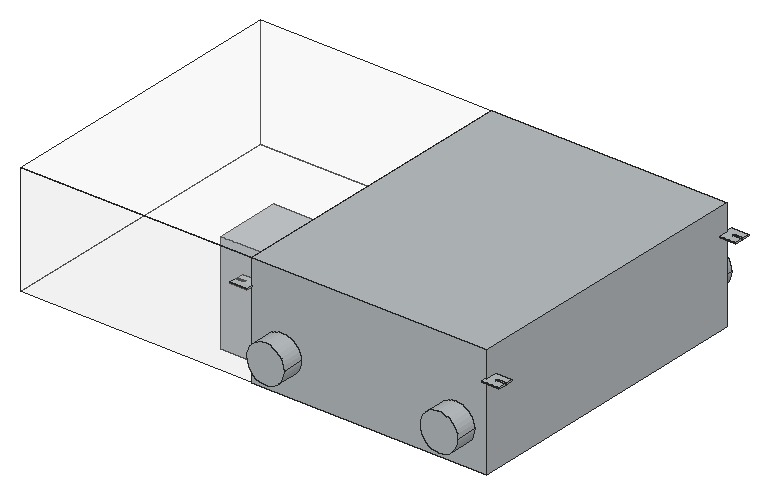
Revit family "lgh-n15_100rx3(d)_50Hz", category 機械設備, Revit 2019
Family settings
  丸型コネクタ寸法 = 直径を使用
  パーツ タイプ = 標準
  OmniClass 番号 = 23.75.10.34.21
  OmniClass タイトル = Heat Exchangers for Ventilation Air
  作業面ベース = いいえ
  常に垂直 = はい
  ロード時にボイドで切り取り = いいえ
  共有 = いいえ
  部屋計算ポイント = はい
Parameters (values of type "LGH-N15RX3")
  騒音レベル(dB(A)) = 26.5
  風量 = 150.0 m³/h
  面風速 = 5.31 m/s
  電源種別 [instance] = "一般"
  電圧 = 100 V
  電動機出力 = 0 W
  集中コントローラ = ""
  運転質量 = 0.00 kg
  連動 [instance] = ""
  質量 = if(製品質量 > 運転質量, 製品質量, 運転質量) * 1.2  # 26.40 kg
  負荷分類 = 3_ファン類
  説明 = "業務用ロスナイ 天井埋込形"
  設計風量 = 0.0 m³/h
  設置方法 = "天井吊(隠ぺい)形"
  記号 [instance] = ""
  製造元 = "MITSIBISHI ELECTRIC"
  製品質量 = 22.00 kg
  製品出荷対象 = "国内"
  製品リリース年月 = "2019/6/1"
  製品グループ = ""
  系統 [instance] = ""
  符号 = "HEU"
  積算_科目 = "1 空気調和設備"
  積算_拾い区分 [instance] = ""
  相 = 1
  盤記号 [instance] = ""
  発停方法 [instance] = "別売リモコン"
  特殊仕様 [instance] = ""
  点検口高さ = -Height  # -289 mm
  点検口離隔 = 150 mm
  点検口_Depth = 450 mm
  点検口 = yes
  火災停止 [instance] = ""
  温度交換効率 = 74.00%
  消費電力 = 102 W
  法定耐用年数 = "15"
  機外静圧_排気 = 115.0 Pa
  機外静圧 = 115.0 Pa
  極数 = 2
  材質 [instance] = ""
  本体マテリアル = 溶融亜鉛めっき鋼板
  操作・制御方式 = ""
  操作・制御スイッチ = ""
  排気量 = 0.0 m³/h
  形式 = "天井埋込ダクト形"
  幹線記号 [instance] = ""
  対象室 [instance] = ""
  実風量 = 0.0 m³/h
  始動方式 [instance] = "直入"
  天吊金具_径 = 6.5 mm
  天吊金具_幅 = 20 mm
  外気量 = 設計風量  # 0.0 m³/h
  呼称 = "全熱交換ユニット"
  周波数 = 50 Hz
  天吊金具ピッチ2 = 768 mm
  天吊金具ピッチ1 = 658 mm
  天吊金具_高さ = 65 mm
  参照している仕様書等のバージョン = "公共建築工事標準仕様書（機械設備工事編）平成31年度版"
  初期抵抗 = 0.0 Pa
  分類コード = "50052504100070"
  分類グループ = ""
  価格 = 190000
  企業コード = "108420"
  付属品_フィルター_還気 = ""
  付属品_フィルター = ""
  付属品 [instance] = ""
  仕様書バージョン = "Version1.0"
  モデル = "LGH-N15RX3"
  メンテナンススペース = yes
  コメント [instance] = ""
  Keynote = ""
  エンタルピ交換効率_暖房 = 75.50%
  エンタルピ交換効率_冷房 = 64.50%
  Assembly Code = ""
  Width = 610 mm
  Version = ""
  Uniclass2015Version = "Systems v1.9"
  Uniclass2015Title = "Thermal wheels"
  Uniclass2015Code = "Pr_60_60_36_88"
  URL = "https://www.mitsubishielectric.co.jp/ldg/wink/ssl/displayProduct.do?pid=300333"
  SpecificationReference = ""
  SpecificationDescription = ""
  SMAX風量 = 0.0 m³/h
  SMAX静圧 = 0.0 Pa
  SAサイズ_D = 97.5 mm
  Revision = ""
  RAサイズ_D = 97.5 mm
  ProductInformation = ""
  OmniClassCode = "23-27 23 19 11"
  OAダクト接続口方向_標準 = yes
  OAダクト接続口方向_変更 = not(OAダクト接続口方向_標準)  # no
  OAサイズ_W = 0 mm
  OAサイズ_D = 97.5 mm
  MIN風量 = 85.0 m³/h
  MIN静圧 = 37.0 Pa
  MID風量 = 110.0 m³/h
  MID静圧 = 62.0 Pa
  MAX風量 = 150.0 m³/h
  MAX静圧 = 115.0 Pa
  IfcTypeProduct = ""
  IfcProduct = ""
  IfcExportType = "ROTARYWHEEL"
  IfcExportAs = "IfcAirToAirHeatRecoveryType"
  Height = 289 mm
  EAダクト接続口方向_変更 = not(EAダクト接続口方向_標準)  # no
  EAダクト接続口方向_標準 = yes
  EAサイズ_W = 0 mm
  EAサイズ_D = 97.5 mm
  Duct_Pitch = 450 mm
  Duct_Height = 194.5 mm
  Duct_Depth = 54 mm
  DuctChange_Center = 119 mm
  Depth = 780 mm
  Clearance Top = Height  # 289 mm
  Clearance Left = 600 mm
  Box_Width = 115 mm
  Box_Height = 262 mm
  Box_H = 10 mm
  Box_Depth = 172 mm
  Box_D = 45 mm
  Author = "MITSUBISHI ELECTRIC"
Types (14, lengths in mm): name | 騒音レベル(dB(A)) | 風量 | 面風速 | 電圧 | 質量 | 製品質量 | 点検口高さ | 温度交換効率 | 消費電力 | 機外静圧_排気 | 機外静圧 | 極数 | 天吊金具ピッチ2 | 天吊金具ピッチ1 | 天吊金具_高さ | 参照している仕様書等のバージョン | 価格 | モデル | エンタルピ交換効率_暖房 | エンタルピ交換効率_冷房 | Width | URL | SMAX風量 | SMAX静圧 | SAサイズ_D | RAサイズ_D | OAサイズ_D | MIN風量 | MIN静圧 | MID風量 | MID静圧 | MAX風量 | MAX静圧 | Height | EAサイズ_D | Duct_Pitch | Duct_Height | Duct_Depth | DuctChange_Center | Depth | Clearance Top | Box_H | Box_D
  LGH-N15RX3 | 26.5 | 150.0 m³/h | 5.31 m/s | 100 V | 26.40 kg | 22.00 kg | -289 | 74.00% | 102 W | 115.0 Pa | 115.0 Pa | 2 | 768 | 658 | 65 | "公共建築工事標準仕様書（機械設備工事編）平成31年度版" | 190000 | "LGH-N15RX3" | 75.50% | 64.50% | 610 | "https://www.mitsubishielectric.co.jp/ldg/wink/ssl/displayProduct.do?pid=300333" | 0.0 m³/h | 0.0 Pa | 97.5 | 97.5 | 97.5 | 85.0 m³/h | 37.0 Pa | 110.0 m³/h | 62.0 Pa | 150.0 m³/h | 115.0 Pa | 289 | 97.5 | 450 | 194.5 | 54 | 119 | 780 | 289 | 10 | 45
  LGH-N15RX3D | 26.5 | 150.0 m³/h | 5.31 m/s | 200 V | 26.40 kg | 22.00 kg | -289 | 74.00% | 108 W | 115.0 Pa | 115.0 Pa | 3 | 768 | 658 | 65 | "公共建築工事標準仕様書（機械設備工事編）平成31年度版" | 190000 | "LGH-N15RX3D" | 75.50% | 64.50% | 610 | "https://www.mitsubishielectric.co.jp/ldg/wink/ssl/displayProduct.do?pid=300334" | 0.0 m³/h | 0.0 Pa | 97.5 | 97.5 | 97.5 | 95.0 m³/h | 46.0 Pa | 110.0 m³/h | 62.0 Pa | 150.0 m³/h | 115.0 Pa | 289 | 97.5 | 450 | 194.5 | 54 | 119 | 780 | 289 | 10 | 45
  LGH-N25RX3 | 28.5 | 250.0 m³/h | 3.93 m/s | 100 V | 27.60 kg | 23.00 kg | -289 | 70.00% | 115 W | 95.0 Pa | 95.0 Pa | 2 | 768 | 782 | 65 | "公共建築工事標準仕様書（機械設備工事編）平成31年度版" | 208000 | "LGH-N25RX3" | 73.00% | 63.00% | 735 | "https://www.mitsubishielectric.co.jp/ldg/wink/ssl/displayProduct.do?pid=300338" | 0.0 m³/h | 0.0 Pa | 142 | 142 | 142 | 130.0 m³/h | 26.0 Pa | 170.0 m³/h | 44.0 Pa | 250.0 m³/h | 95.0 Pa | 289 | 142 | 530 | 174.5 | 64 | 102 | 780 | 289 | 10 | 45
  LGH-N25RX3D | 28.5 | 250.0 m³/h | 3.93 m/s | 200 V | 27.60 kg | 23.00 kg | -289 | 70.00% | 132 W | 95.0 Pa | 95.0 Pa | 3 | 768 | 782 | 65 | "公共建築工事標準仕様書（機械設備工事編）平成31年度版" | 208000 | "LGH-N25RX3D" | 73.00% | 63.00% | 735 | "https://www.mitsubishielectric.co.jp/ldg/wink/ssl/displayProduct.do?pid=300339" | 0.0 m³/h | 0.0 Pa | 142 | 142 | 142 | 130.0 m³/h | 26.0 Pa | 170.0 m³/h | 44.0 Pa | 250.0 m³/h | 95.0 Pa | 289 | 142 | 530 | 174.5 | 64 | 102 | 780 | 289 | 10 | 45
  LGH-N35RX3 | 31 | 350.0 m³/h | 5.5 m/s | 100 V | 38.40 kg | 32.00 kg | -331 | 71.50% | 194 W | 165.0 Pa | 165.0 Pa | 2 | 875 | 921 | 85 | "公共建築工事標準仕様書（機械設備工事編）平成31年度版" | 229000 | "LGH-N35RX3" | 76.00% | 64.00% | 874 | "https://www.mitsubishielectric.co.jp/ldg/wink/ssl/displayProduct.do?pid=300342" | 350.0 m³/h | 165.0 Pa | 142 | 142 | 142 | 160.0 m³/h | 30.0 Pa | 225.0 m³/h | 60.0 Pa | 350.0 m³/h | 145.0 Pa | 331 | 142 | 650 | 220.5 | 64 | 124 | 888 | 331 | 12 | 77
  LGH-N35RX3D | 31 | 350.0 m³/h | 5.5 m/s | 200 V | 38.40 kg | 32.00 kg | -331 | 71.50% | 182 W | 165.0 Pa | 165.0 Pa | 3 | 875 | 921 | 85 | "公共建築工事標準仕様書（機械設備工事編）平成31年度版" | 229000 | "LGH-N35RX3D" | 76.00% | 64.00% | 874 | "https://www.mitsubishielectric.co.jp/ldg/wink/ssl/displayProduct.do?pid=300343" | 350.0 m³/h | 165.0 Pa | 142 | 142 | 142 | 175.0 m³/h | 36.0 Pa | 200.0 m³/h | 47.0 Pa | 350.0 m³/h | 145.0 Pa | 331 | 142 | 650 | 220.5 | 64 | 124 | 888 | 331 | 12 | 77
  LGH-N50RX3 | 36 | 500.0 m³/h | 4.42 m/s | 100 V | 43.20 kg | 36.00 kg | -331 | 71.00% | 258 W | 160.0 Pa | 160.0 Pa | 2 | 875 | 1063 | 85 | "公共建築工事標準仕様書（機械設備工事編）平成31年度版" | 282000 | "LGH-N50RX3" | 73.00% | 63.00% | 1016 | "https://www.mitsubishielectric.co.jp/ldg/wink/ssl/displayProduct.do?pid=300346" | 500.0 m³/h | 160.0 Pa | 192 | 192 | 192 | 235.0 m³/h | 31.0 Pa | 385.0 m³/h | 83.0 Pa | 500.0 m³/h | 140.0 Pa | 331 | 192 | 745 | 195.5 | 79 | 124 | 888 | 331 | 12 | 77
  LGH-N50RX3D | 35.5 | 500.0 m³/h | 4.42 m/s | 200 V | 43.20 kg | 36.00 kg | -331 | 71.00% | 248 W | 160.0 Pa | 160.0 Pa | 3 | 875 | 1063 | 85 | "公共建築工事標準仕様書（機械設備工事編）平成31年度版" | 282000 | "LGH-N50RX3D" | 73.00% | 63.00% | 1016 | "https://www.mitsubishielectric.co.jp/ldg/wink/ssl/displayProduct.do?pid=300347" | 500.0 m³/h | 160.0 Pa | 192 | 192 | 192 | 260.0 m³/h | 38.0 Pa | 300.0 m³/h | 50.0 Pa | 500.0 m³/h | 140.0 Pa | 331 | 192 | 745 | 195.5 | 79 | 124 | 888 | 331 | 12 | 77
  LGH-N65RX3 | 37 | 650.0 m³/h | 5.75 m/s | 100 V | 57.60 kg | 48.00 kg | -404 | 71.50% | 395 W | 180.0 Pa | 180.0 Pa | 2 | 895 | 1001 | 70 | "公共建築工事標準仕様書（機械設備工事編）平成31年度版" | 377000 | "LGH-N65RX3" | 72.00% | 63.00% | 954 | "https://www.mitsubishielectric.co.jp/ldg/wink/ssl/displayProduct.do?pid=300350" | 650.0 m³/h | 180.0 Pa | 192 | 192 | 192 | 340.0 m³/h | 45.0 Pa | 490.0 m³/h | 94.0 Pa | 650.0 m³/h | 165.0 Pa | 404 | 192 | 692 | 242 | 79 | 124 | 908 | 404 | 13 | 62
  LGH-N65RX3D | 37 | 650.0 m³/h | 5.75 m/s | 200 V | 57.60 kg | 48.00 kg | -404 | 71.50% | 395 W | 180.0 Pa | 180.0 Pa | 3 | 895 | 1001 | 70 | "公共建築工事標準仕様書（機械設備工事編）平成31年度版" | 377000 | "LGH-N65RX3D" | 72.00% | 63.00% | 954 | "https://www.mitsubishielectric.co.jp/ldg/wink/ssl/displayProduct.do?pid=300351" | 650.0 m³/h | 180.0 Pa | 192 | 192 | 192 | 360.0 m³/h | 51.0 Pa | 500.0 m³/h | 98.0 Pa | 650.0 m³/h | 165.0 Pa | 404 | 192 | 692 | 242 | 79 | 124 | 908 | 404 | 13 | 62
  LGH-N80RX3 | 35 | 800.0 m³/h | 4.53 m/s | 100 V | 69.60 kg | 58.00 kg | -404 | 73.00% | 430 W | 170.0 Pa | 170.0 Pa | 2 | 1131 | 1051 | 77 | "公共建築工事標準仕様書（機械設備工事編）平成31年度版" | 450000 | "LGH-N80RX3" | 75.00% | 65.00% | 1004 | "https://www.mitsubishielectric.co.jp/ldg/wink/ssl/displayProduct.do?pid=300354" | 800.0 m³/h | 170.0 Pa | 242 | 242 | 242 | 380.0 m³/h | 34.0 Pa | 660.0 m³/h | 102.0 Pa | 800.0 m³/h | 150.0 Pa | 404 | 242 | 690 | 242 | 79 | 165 | 1144 | 404 | 125 | 144
  LGH-N80RX3D | 35.5 | 800.0 m³/h | 4.53 m/s | 200 V | 69.60 kg | 58.00 kg | -404 | 73.00% | 410 W | 170.0 Pa | 170.0 Pa | 3 | 1131 | 1051 | 77 | "公共建築工事標準仕様書（機械設備工事編）平成31年度版" | 450000 | "LGH-N80RX3D" | 75.00% | 65.00% | 1004 | "https://www.mitsubishielectric.co.jp/ldg/wink/ssl/displayProduct.do?pid=300355" | 800.0 m³/h | 170.0 Pa | 242 | 242 | 242 | 390.0 m³/h | 36.0 Pa | 630.0 m³/h | 93.0 Pa | 800.0 m³/h | 150.0 Pa | 404 | 242 | 690 | 242 | 79 | 165 | 1144 | 404 | 125 | 144
  LGH-N100RX3 | 36.5 | 1000.0 m³/h | 5.66 m/s | 100 V | 76.80 kg | 64.00 kg | -404 | 73.00% | 535 W | 170.0 Pa | 170.0 Pa | 2 | 1131 | 1278 | 77 | "" | 513000 | "LGH-N100RX3" | 75.00% | 65.00% | 1231 | "https://www.mitsubishielectric.co.jp/ldg/wink/ssl/displayProduct.do?pid=300328" | 1000.0 m³/h | 170.0 Pa | 242 | 242 | 242 | 470.0 m³/h | 33.0 Pa | 740.0 m³/h | 82.0 Pa | 1000.0 m³/h | 150.0 Pa | 404 | 242 | 917 | 242 | 79 | 165 | 1144 | 404 | 125 | 144
  LGH-N100RX3D | 36.5 | 1000.0 m³/h | 5.66 m/s | 200 V | 76.80 kg | 64.00 kg | -404 | 73.00% | 525 W | 170.0 Pa | 170.0 Pa | 3 | 1131 | 1278 | 77 | "" | 513000 | "LGH-N100RX3D" | 75.00% | 65.00% | 1231 | "https://www.mitsubishielectric.co.jp/ldg/wink/ssl/displayProduct.do?pid=300329" | 1000.0 m³/h | 170.0 Pa | 242 | 242 | 242 | 420.0 m³/h | 26.0 Pa | 700.0 m³/h | 74.0 Pa | 1000.0 m³/h | 150.0 Pa | 404 | 242 | 917 | 242 | 79 | 165 | 1144 | 404 | 125 | 144
Reference planes
  plane 1 "中心(正面/背面)": y = 0
  plane 2: z = 0
  plane 3 "中心(左/右)": x = 0
  plane 4: x = -305
  plane 5: x = 305
  plane 6: y = 390
  plane 7: y = -390
  plane 8: z = -289
  plane 9: z = -194.5
  plane 10: x = -225
  plane 11: x = 225
  plane 12: y = -444
  plane 13: y = 444
  plane 14: y = 271
  plane 15: x = -359
  plane 16: x = 359
  plane 17: x = -905
  plane 18: y = -345
  plane 19: y = -173
  plane 20: z = -10
  plane 21: z = -272
  plane 22: x = -420
  plane 23: x = -455
  plane 24: y = 225
  plane 25: x = -329
  plane 26: x = 329
  plane 27: y = 384
  plane 28: y = -384
  plane 29: y = -225
  plane 30: x = -349
  plane 31: y = 404
  plane 32: y = 364
  plane 33: y = -364
  plane 34: y = -404
  plane 35: z = -5
  plane 36: z = -65
  plane 37: z = -68
  plane 38: x = 349
Forms (mm)
  Extrusion 1, solid, material "溶融亜鉛めっき鋼板" <- "本体マテリアル", detail levels fine
    sketch origin (0, 0, 0) x (1, 0, 0) y (0, 1, 0)
      loop
        line (-305, 390) -> (-305, -390) -> (305, -390) -> (305, 390) -> (-305, 390)
    from 0 to -289
  Extrusion 2, solid, material "溶融亜鉛めっき鋼板" <- "本体マテリアル", detail levels fine
    sketch origin (510, -445, 0) x (-1, 0, 0) y (0, 0, -1)
      loop
        circle (285, 194.5) r 48.75
    from -55 to -1
  Extrusion 3, solid, material "溶融亜鉛めっき鋼板" <- "本体マテリアル", detail levels fine
    sketch origin (-305, -390, 0) x (0, 1, 0) y (0, 0, -1)
      loop
        line (217, 10) -> (217, 272) -> (45, 272) -> (45, 10) -> (217, 10)
    from 0 to 115
  Extrusion 4, solid, material "溶融亜鉛めっき鋼板" <- "本体マテリアル", detail levels fine
    sketch origin (0, 0, 0) x (1, 0, 0) y (0, 1, 0)
      loop
        line (-349, 404) -> (-349, 387.25) -> (-329, 387.25)
        arc (-329, 387.25) -> (-325.75, 384) -> (-329, 380.75) r 3.25
        line (-329, 380.75) -> (-349, 380.75) -> (-349, 364) -> (-305, 364) -> (-305, 404) -> (-349, 404)
    from -65 to -68
  Extrusion 5, solid, material "溶融亜鉛めっき鋼板" <- "本体マテリアル", detail levels fine
    sketch origin (0, 0, 0) x (1, 0, 0) y (0, 1, 0)
      loop
        line (-349, -404) -> (-305, -404) -> (-305, -364) -> (-349, -364) -> (-349, -380.75) -> (-329, -380.75)
        arc (-329, -380.75) -> (-325.75, -384) -> (-329, -387.25) r 3.25
        line (-329, -387.25) -> (-349, -387.25) -> (-349, -404)
    from -65 to -68
  Extrusion 6, solid, material "溶融亜鉛めっき鋼板" <- "本体マテリアル", detail levels fine
    sketch origin (0, 0, 0) x (-1, 0, 0) y (0, -1, 0)
      loop
        line (-349, 404) -> (-349, 387.25) -> (-329, 387.25)
        arc (-329, 387.25) -> (-325.75, 384) -> (-329, 380.75) r 3.25
        line (-329, 380.75) -> (-349, 380.75) -> (-349, 364) -> (-305, 364) -> (-305, 404) -> (-349, 404)
    from -65 to -68
  Extrusion 7, solid, material "溶融亜鉛めっき鋼板" <- "本体マテリアル", detail levels fine
    sketch origin (0, 0, 0) x (-1, 0, 0) y (0, -1, 0)
      loop
        line (-349, -404) -> (-305, -404) -> (-305, -364) -> (-349, -364) -> (-349, -380.75) -> (-329, -380.75)
        arc (-329, -380.75) -> (-325.75, -384) -> (-329, -387.25) r 3.25
        line (-329, -387.25) -> (-349, -387.25) -> (-349, -404)
    from -65 to -68
  Extrusion 8, solid, material "溶融亜鉛めっき鋼板" <- "本体マテリアル", visible <- "EAダクト接続口方向_標準", detail levels fine
    sketch origin (510, 445, 0) x (-1, 0, 0) y (0, 0, 1)
      loop
        circle (285, -194.5) r 48.75
    from -55 to -1
  Extrusion 9, solid, material "溶融亜鉛めっき鋼板" <- "本体マテリアル", visible <- "OAダクト接続口方向_標準", detail levels fine
    sketch origin (-510, 445, 0) x (1, 0, 0) y (0, 0, -1)
      loop
        circle (285, 194.5) r 48.75
    from -55 to -1
  Extrusion 10, solid, material "溶融亜鉛めっき鋼板" <- "本体マテリアル", detail levels fine
    sketch origin (-510, -445, 0) x (1, 0, 0) y (0, 0, 1)
      loop
        circle (285, -194.5) r 48.75
    from -55 to -1
  Extrusion 11, solid, material "溶融亜鉛めっき鋼板" <- "本体マテリアル", visible <- "EAダクト接続口方向_変更", detail levels fine
    sketch origin (0, 0, 0) x (0, 1, 0) y (0, 0, 1)
      loop
        circle (271, -194.5) r 48.75
    from 305 to 359
  Extrusion 12, solid, material "溶融亜鉛めっき鋼板" <- "本体マテリアル", visible <- "OAダクト接続口方向_変更", detail levels fine
    sketch origin (0, 0, 0) x (0, 1, 0) y (0, 0, -1)
      loop
        circle (271, 194.5) r 48.75
    from 305 to 359
Lines and regions (mm)
  Masking region 1, detail levels coarse+medium
    outline origin (1326.5, 29, 0) x (1, 0, 0) y (0, 1, 0)
      loop
        line (-1631.5, 361) -> (-1631.5, -419) -> (-1021.5, -419) -> (-1021.5, 361) -> (-1631.5, 361)
  symbolic lines, detail levels coarse+medium
    curve 1: line (0, 390, 0) -> (-305, 0, 0)
    curve 2: line (-305, 0, 0) -> (0, -390, 0)
    curve 3: line (0, -390, 0) -> (305, 0, 0)
    curve 4: line (305, 0, 0) -> (0, 390, 0)
Dimensions and locks
  equal spacing: plane 4, plane 3 "中心(左/右)", plane 5
  "Width": plane 4 to plane 5
  equal spacing: plane 6, plane 1 "中心(正面/背面)", plane 7
  "Depth": plane 6 to plane 7
  "Height": level to plane 8
  "Duct_Height": level to plane 9
  equal spacing: plane 11, plane 3 "中心(左/右)", plane 10
  "Duct_Pitch": plane 11 to plane 10
  "Duct_Depth": plane 13 to plane 6
  "Duct_Depth": plane 7 to plane 12
  "DuctChange_Center": plane 6 to plane 14
  "Duct_Depth": plane 5 to plane 16
  "Duct_Depth": plane 15 to plane 4
  "Clearance Left": plane 17 to plane 4
  "Clearance Top": nested 1 to plane 8
  "Box_H": level to plane 20
  "Box_Height": plane 20 to plane 21
  "Box_D": plane 18 to plane 7
  "Box_Depth": plane 19 to plane 18
  "Box_Width": plane 22 to plane 4
  "点検口離隔": plane 23 to plane 4
  equal spacing: plane 25, plane 3 "中心(左/右)", plane 26
  "天吊金具ピッチ1": plane 25 to plane 26
  equal spacing: plane 27, plane 1 "中心(正面/背面)", plane 28
  "天吊金具ピッチ2": plane 27 to plane 28
  equal spacing: plane 24, plane 1 "中心(正面/背面)", plane 29
  "点検口_Depth": plane 24 to plane 29
  equal spacing: plane 31, plane 27, plane 32
  locked: plane 31 to plane 32 at 40
  "天吊金具_幅": plane 30 to plane 25
  "天吊金具_高さ": level to plane 36
  locked: plane 36 to plane 37 at 3
  equal spacing: plane 33, plane 28, plane 34
  locked: plane 33 to plane 34 at 40
  "天吊金具_幅": plane 26 to plane 38
  "RAサイズ_D": diameter of Extrusion 2 sketch curve
  "EAサイズ_D": diameter of Extrusion 8 sketch curve
  "OAサイズ_D": diameter of Extrusion 9 sketch curve
  "SAサイズ_D": diameter of Extrusion 10 sketch curve
  "EAサイズ_D": diameter of Extrusion 11 sketch curve
  "EAサイズ_D": diameter of Extrusion 12 sketch curve
  "天吊金具_径": diameter of Extrusion 7 sketch curve
  "天吊金具_径": diameter of Extrusion 4 sketch curve
  "天吊金具_径": diameter of Extrusion 5 sketch curve
  "天吊金具_径": diameter of Extrusion 6 sketch curve
  aligned and locked: level to plane 2
  aligned and locked: Extrusion 1 to plane 8
  aligned and locked: plane 7 to Extrusion 2
  aligned and locked: Extrusion 2 to plane 12
  aligned and locked: plane 17 to nested 1
  aligned and locked: plane 4 to nested 1
  aligned and locked: nested 1 to plane 6
  aligned and locked: nested 1 to plane 7
  aligned and locked: plane 2 to nested 1
  aligned and locked: plane 8 to nested 1
  aligned and locked: Extrusion 3 to plane 22
  aligned and locked: plane 4 to Extrusion 3
  aligned and locked: Masking region 1 to plane 4
  aligned and locked: plane 5 to Masking region 1
  aligned and locked: plane 6 to Masking region 1
  aligned and locked: Masking region 1 to plane 7
  aligned and locked: plane 26 to nested 2
  aligned and locked: plane 25 to nested 2
  aligned and locked: nested 2 to plane 28
  aligned and locked: plane 27 to nested 2
  aligned and locked: Extrusion 3 to plane 19
  aligned and locked: Extrusion 3 to plane 21
  aligned and locked: plane 20 to Extrusion 3
  aligned and locked: plane 18 to Extrusion 3
  aligned and locked: plane 23 to nested 3
  aligned and locked: plane 17 to nested 3
  aligned and locked: plane 24 to nested 3
  aligned and locked: nested 3 to plane 29
  aligned and locked: plane 4 to Extrusion 4
  aligned and locked: Extrusion 4 to plane 30  (x2)
  aligned and locked: plane 31 to Extrusion 4
  aligned and locked: Extrusion 4 to plane 36
  aligned and locked: Extrusion 4 to plane 37
  aligned and locked: plane 4 to Extrusion 5
  aligned and locked: plane 33 to Extrusion 5
  aligned and locked: Extrusion 5 to plane 34
  aligned and locked: Extrusion 5 to plane 30  (x2)
  aligned and locked: Extrusion 5 to Extrusion 4  (x2)
  aligned and locked: Extrusion 7 to plane 38  (x2)
  aligned and locked: Extrusion 7 to plane 32
  aligned and locked: plane 31 to Extrusion 7
  aligned and locked: Extrusion 6 to plane 38
  aligned and locked: Extrusion 6 to plane 34
  aligned and locked: Extrusion 6 to plane 5
  aligned and locked: plane 33 to Extrusion 6
  aligned and locked: Extrusion 6 to plane 37
  aligned and locked: plane 36 to Extrusion 6
  aligned and locked: Extrusion 7 to plane 37
  aligned and locked: plane 36 to Extrusion 7
  aligned and locked: plane 13 to Extrusion 8
  aligned and locked: Extrusion 8 to plane 6
  aligned and locked: plane 13 to Extrusion 9
  aligned and locked: Extrusion 9 to plane 6
  aligned and locked: Extrusion 10 to plane 12
  aligned and locked: plane 7 to Extrusion 10
  aligned and locked: plane 16 to Extrusion 11
  aligned and locked: Extrusion 11 to plane 5
  aligned and locked: plane 4 to Extrusion 12
  aligned and locked: Extrusion 12 to plane 15
  aligned and locked: Extrusion 7 sketch curve to Extrusion 7 sketch curve
  aligned and locked: plane 38 to Extrusion 7 sketch curve
  aligned and locked: plane 25 to Extrusion 4 sketch curve
  aligned and locked: plane 30 to Extrusion 5 sketch curve
  aligned and locked: plane 26 to Extrusion 6 sketch curve
Automatic sketch dimensions
  plane 1 "中心(正面/背面)" to curve 1 = 0 mm
  curve 1 to plane 4 = 0 mm
  curve 2 to plane 3 "中心(左/右)" = 0 mm
  curve 4 to plane 3 "中心(左/右)" = 0 mm
  plane 1 "中心(正面/背面)" to curve 4 = 0 mm
  curve 4 to plane 5 = 0 mm
  curve 2 to plane 7 = 0 mm
  curve 4 to plane 6 = 0 mm
  Extrusion 1 sketch curve to plane 4 = 0 mm
  Extrusion 1 sketch curve to plane 5 = 0 mm
  Extrusion 1 sketch curve to plane 7 = 0 mm
  Extrusion 1 sketch curve to plane 6 = 0 mm
  Extrusion 2 sketch curve to plane 9 = 0 mm
  Extrusion 2 sketch curve to plane 11 = 0 mm
  Extrusion 3 sketch curve to Extrusion 1 = 45 mm
  Extrusion 1 to Extrusion 3 sketch curve = 17 mm
  Extrusion 3 sketch curve to Extrusion 3 sketch curve = 172 mm
  Extrusion 1 to Extrusion 3 sketch curve = 10 mm
  Masking region 1 sketch curve to plane 4 = 0 mm
  Masking region 1 sketch curve to plane 5 = 0 mm
  Masking region 1 sketch curve to plane 7 = 0 mm
  Masking region 1 sketch curve to plane 6 = 0 mm
  Extrusion 8 sketch curve to plane 9 = 0 mm
  Extrusion 8 sketch curve to plane 11 = 0 mm
  Extrusion 9 sketch curve to plane 9 = 0 mm
  Extrusion 9 sketch curve to plane 10 = 0 mm
  Extrusion 10 sketch curve to plane 9 = 0 mm
  Extrusion 10 sketch curve to plane 10 = 0 mm
  Extrusion 11 sketch curve to plane 9 = 0 mm
  Extrusion 11 sketch curve to plane 14 = 0 mm
  Extrusion 12 sketch curve to plane 9 = 0 mm
  Extrusion 12 sketch curve to plane 14 = 0 mm
  Extrusion 7 sketch curve to plane 26 = 0 mm
  Extrusion 7 sketch curve to plane 5 = 0 mm
  Extrusion 7 sketch curve to plane 32 = 0 mm
  Extrusion 7 sketch curve to plane 27 = 0 mm
  Extrusion 7 sketch curve to plane 31 = 0 mm
  Extrusion 4 sketch curve to plane 30 = 0 mm  (x2)
  Extrusion 4 sketch curve to plane 25 = 0 mm
  Extrusion 4 sketch curve to plane 4 = 0 mm
  Extrusion 4 sketch curve to plane 32 = 0 mm
  Extrusion 4 sketch curve to plane 27 = 0 mm
  Extrusion 4 sketch curve to plane 31 = 0 mm
  Extrusion 5 sketch curve to plane 30 = 0 mm
  Extrusion 5 sketch curve to plane 25 = 0 mm
  Extrusion 5 sketch curve to plane 4 = 0 mm
  Extrusion 5 sketch curve to plane 33 = 0 mm
  Extrusion 5 sketch curve to plane 28 = 0 mm
  Extrusion 5 sketch curve to plane 34 = 0 mm
  Extrusion 6 sketch curve to plane 34 = 0 mm
  Extrusion 6 sketch curve to plane 38 = 0 mm  (x2)
  Extrusion 6 sketch curve to plane 5 = 0 mm
  Extrusion 6 sketch curve to plane 33 = 0 mm
  Extrusion 6 sketch curve to plane 28 = 0 mm
Nested families
  nested 1: "メンテナンススペース" at (-605, 0, -144.5), visible <- "メンテナンススペース", type "メンテナンススペース"
    with Width 600 mm, Height 289 mm, Depth 780 mm
  nested 2: "固定点" at (-329, -384, 0), type "固定点"
    with W 658 mm, D 768 mm
  nested 3: "点検口設置範囲" at (-680, 0, -289), built-in parameter 1001364 <- "点検口高さ", visible <- "点検口", type "点検口設置範囲"
    with Width 450 mm, Depth 450 mm
Connectors
  hvac at (225, -444, -194.5), driven by "RAサイズ_D", driven by "機外静圧", driven by "風量"
    settings: on Extrusion 2, index 2, duct flow 150.0 m³/h, flow factor 0, pres drop 115.0 Pa, loss coef 0, conn angle 0.00°, conn width 304.8 mm, conn height 304.8 mm, conn diameter 97.5 mm, duct sys type 2, conn prof type 0, flow config 0, flow direction 1, loss method 4, conn ref index -1, conn util no, is conn primary yes, conn desc ""
  electrical at (-362.5, -345, -141), driven by "負荷分類", driven by "相", driven by "電圧", driven by "消費電力"
    settings: on Extrusion 3, index 7, voltage 100 V, apparent load 102 VA, apparent load phase1 0 VA, apparent load phase2 0 VA, apparent load phase3 0 VA, power factor 1, load classification "3_ファン類", number of poles 1, system type 30, power factor state 1, is connector primary yes, connector utility no, sub classification motor no, connector description ""
  hvac at (225, 444, -194.5), driven by "EAサイズ_D", driven by "排気量", driven by "機外静圧_排気"
    settings: on Extrusion 8, index 8, duct flow 0.0 m³/h, flow factor 0, pres drop 115.0 Pa, loss coef 0, conn angle 0.00°, conn width 304.8 mm, conn height 304.8 mm, conn diameter 97.5 mm, duct sys type 3, conn prof type 0, flow config 0, flow direction 2, loss method 4, conn ref index -1, conn util no, is conn primary no, conn desc ""
  hvac at (-225, 444, -194.5), driven by "OAサイズ_D", driven by "外気量", driven by "機外静圧"
    settings: on Extrusion 9, index 9, duct flow 0.0 m³/h, flow factor 0, pres drop 115.0 Pa, loss coef 0, conn angle 0.00°, conn width 304.8 mm, conn height 304.8 mm, conn diameter 97.5 mm, duct sys type 4, conn prof type 0, flow config 0, flow direction 1, loss method 4, conn ref index -1, conn util no, is conn primary no, conn desc ""
  hvac at (-225, -444, -194.5), driven by "SAサイズ_D", driven by "風量", driven by "機外静圧"
    settings: on Extrusion 10, index 10, duct flow 150.0 m³/h, flow factor 0, pres drop 115.0 Pa, loss coef 0, conn angle 0.00°, conn width 304.8 mm, conn height 304.8 mm, conn diameter 97.5 mm, duct sys type 1, conn prof type 0, flow config 0, flow direction 2, loss method 4, conn ref index -1, conn util no, is conn primary no, conn desc ""
  hvac at (359, 271, -194.5), driven by "EAサイズ_D", driven by "機外静圧_排気", driven by "排気量"
    settings: on Extrusion 11, index 11, duct flow 0.0 m³/h, flow factor 0, pres drop 115.0 Pa, loss coef 0, conn angle 0.00°, conn width 304.8 mm, conn height 304.8 mm, conn diameter 97.5 mm, duct sys type 3, conn prof type 0, flow config 0, flow direction 2, loss method 4, conn ref index -1, conn util no, is conn primary no, conn desc ""
  hvac at (-359, 271, -194.5), driven by "EAサイズ_D", driven by "機外静圧", driven by "外気量"
    settings: on Extrusion 12, index 12, duct flow 0.0 m³/h, flow factor 0, pres drop 115.0 Pa, loss coef 0, conn angle 0.00°, conn width 304.8 mm, conn height 304.8 mm, conn diameter 97.5 mm, duct sys type 4, conn prof type 0, flow config 0, flow direction 1, loss method 4, conn ref index -1, conn util no, is conn primary no, conn desc ""
Definition of nested family "メンテナンススペース"
  Parameters (values of type "メンテナンススペース")
    Width [instance] = 500 mm
    Height [instance] = 500 mm
    Depth [instance] = 500 mm
  Reference planes
    plane 1 "中心(正面/背面)": y = 0
    plane 2: z = 0
    plane 3 "中心(左/右)": x = 0
    plane 4: y = -250
    plane 5: x = 250
    plane 6: y = 250
    plane 7: x = -250
    plane 8: z = 250
    plane 9: z = -250
  Forms (mm)
    Extrusion 1, solid
      sketch origin (-638.939, 0, 72.39) x (1, 0, 0) y (0, 1, 0)
        loop
          line (388.939, 250) -> (388.939, -250) -> (888.939, -250) -> (888.939, 250) -> (388.939, 250)
      from -322.39 to 177.61
  Lines and regions (mm)
    symbolic lines
      curve 1: line (-250, 0, 250) -> (250, 0, 250)
      curve 2: line (-250, 0, -250) -> (-250, 0, 250)
      curve 3: line (250, 0, -250) -> (-250, 0, -250)
      curve 4: line (250, 0, 250) -> (250, 0, -250)
      curve 5: line (0, -250, 250) -> (0, 250, 250)
      curve 6: line (0, -250, -250) -> (0, -250, 250)
      curve 7: line (0, 250, -250) -> (0, -250, -250)
      curve 8: line (0, 250, 250) -> (0, 250, -250)
      curve 9: line (-250, 250, 0) -> (250, 250, 0)
      curve 10: line (-250, -250, 0) -> (-250, 250, 0)
      curve 11: line (250, -250, 0) -> (-250, -250, 0)
      curve 12: line (250, 250, 0) -> (250, -250, 0)
  Dimensions and locks
    equal spacing: plane 7, plane 3 "中心(左/右)", plane 5
    equal spacing: plane 4, plane 1 "中心(正面/背面)", plane 6
    "Depth": plane 4 to plane 6
    "Width": plane 7 to plane 5
    equal spacing: plane 8, plane 2, plane 9
    "Height": plane 8 to plane 9
    aligned and locked: plane 9 to curve 3
    aligned and locked: plane 7 to curve 2
    aligned and locked: curve 4 to plane 5
    aligned and locked: plane 5 to Extrusion 1
    aligned and locked: Extrusion 1 to plane 7
    aligned and locked: Extrusion 1 to plane 9
    aligned and locked: plane 8 to Extrusion 1
    aligned and locked: plane 9 to curve 7
  Automatic sketch dimensions
    plane 4 to Extrusion 1 sketch curve = 0 mm
    Extrusion 1 sketch curve to plane 7 = 0 mm
    Extrusion 1 sketch curve to plane 5 = 0 mm
    plane 6 to Extrusion 1 sketch curve = 0 mm
    curve 2 to plane 8 = 0 mm
    plane 4 to curve 11 = 0 mm
    curve 11 to plane 7 = 0 mm
    curve 11 to plane 5 = 0 mm
    plane 6 to curve 10 = 0 mm
    curve 7 to plane 4 = 0 mm
    curve 7 to plane 6 = 0 mm
    curve 6 to plane 8 = 0 mm
Definition of nested family "固定点"
  Parameters (values of type "固定点")
    中心円 = 20 mm
    W [instance] = 1000 mm
    D [instance] = 1000 mm
  Reference planes
    plane 1 "中心(正面/背面)": y = 0
    plane 2: z = 0
    plane 3 "中心(左/右)": x = 0
    plane 4: x = 1000
    plane 5: y = 1000
  Lines and regions (mm)
    symbolic lines, detail levels fine
      curve 1: circle (0, 1000, 0) r 10 normal (0, 0, 1)
      curve 2: circle (0, 0, 0) r 10 normal (0, 0, 1)
      curve 3: circle (1000, 1000, 0) r 10 normal (0, 0, 1)
      curve 4: circle (1000, 0, 0) r 10 normal (0, 0, 1)
      curve 5: line (-200, 1000, 0) -> (1200, 1000, 0)
      curve 6: line (-200, 0, 0) -> (1200, 0, 0)
      curve 7: line (0, 1200, 0) -> (0, -200, 0)
      curve 8: line (1000, 1200, 0) -> (1000, -200, 0)
  Dimensions and locks
    "W": plane 3 "中心(左/右)" to plane 4
    "D": plane 1 "中心(正面/背面)" to plane 5
    "中心円": diameter of curve 1
    "中心円": diameter of curve 2
    "中心円": diameter of curve 3
    "中心円": diameter of curve 4
    aligned and locked: level to plane 2
    aligned and locked: plane 5 to curve 1
    aligned and locked: plane 3 "中心(左/右)" to curve 1
    aligned and locked: plane 3 "中心(左/右)" to curve 2
    aligned and locked: plane 1 "中心(正面/背面)" to curve 2
    aligned and locked: plane 4 to curve 3
    aligned and locked: plane 5 to curve 3
    aligned and locked: plane 1 "中心(正面/背面)" to curve 4
    aligned and locked: plane 4 to curve 4
    aligned and locked: plane 1 "中心(正面/背面)" to curve 6
    aligned and locked: curve 7 to plane 3 "中心(左/右)"
    aligned and locked: curve 8 to plane 4
  Automatic sketch dimensions
    curve 5 to plane 5 = 0 mm
    curve 6 to plane 3 "中心(左/右)" = 200 mm
    curve 5 to plane 3 "中心(左/右)" = 200 mm
    curve 4 to curve 6 = 200 mm
    curve 3 to curve 5 = 200 mm
    plane 1 "中心(正面/背面)" to curve 8 = 200 mm
    plane 1 "中心(正面/背面)" to curve 7 = 200 mm
    curve 3 to curve 8 = 200 mm
    curve 1 to curve 7 = 200 mm
Definition of nested family "点検口設置範囲"
  Parameters (values of type "点検口設置範囲")
    Width [instance] = 1000 mm
    Depth [instance] = 700 mm
  Reference planes
    plane 1 "中心(正面/背面)": y = 0
    plane 2: z = 0
    plane 3 "中心(左/右)": x = 0
    plane 4: x = -500
    plane 5: x = 500
    plane 6: y = -350
    plane 7: y = 350
  Lines and regions (mm)
    model lines
      curve 1: line (-500, 350, 0) -> (500, 350, 0)
      curve 2: line (-500, -350, 0) -> (-500, 350, 0)
      curve 3: line (500, -350, 0) -> (-500, -350, 0)
      curve 4: line (500, 350, 0) -> (500, -350, 0)
  Dimensions and locks
    "Depth": plane 7 to plane 6
    "Width": plane 4 to plane 5
    equal spacing: plane 7, plane 1 "中心(正面/背面)", plane 6
    equal spacing: plane 4, plane 3 "中心(左/右)", plane 5
    aligned and locked: level to plane 2
    aligned and locked: plane 4 to curve 2
    aligned and locked: curve 1 to plane 7
    aligned and locked: curve 4 to plane 5
    aligned and locked: plane 6 to curve 3
